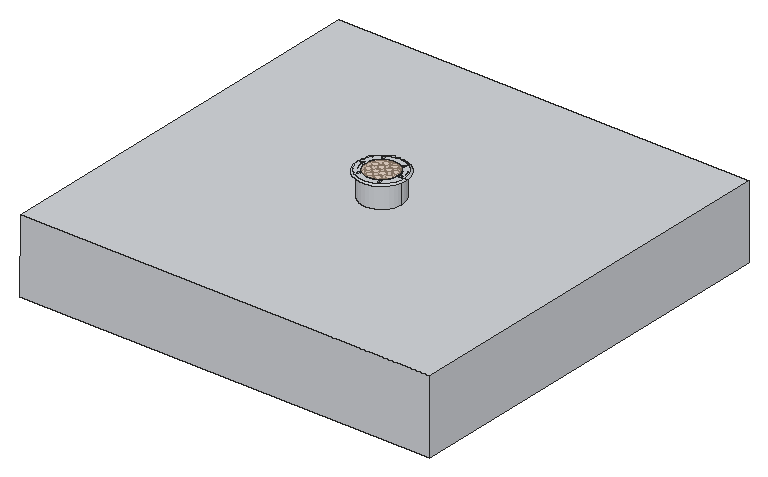
Revit family "Alcon-9034-12-Revit-Family", category Luminarias, Revit 2025
Family settings
  Anfitrión = Cara
  Cota de conector redondo = Usar diámetro
  Tipo de pieza = Normal
  Corte con vacíos al cargar = No
  Origen de luz = Sí
  Mantener orientación de anotación = No
  Compartido = No
  Punto de cálculo de habitación = No
Parameters
  Tilt Angle = 60.00°
  built-in parameter 1010506 = 0.5236 (stored number, unit not read)
  built-in parameter 1010507 = 1.5708 (stored number, unit not read)
  Wattage = 9.2903 W
  URL = "https://www.alconlighting.com/9034-12.html"
  built-in parameter 1150107 = 3200 (stored number, unit not read)
  TOP FINISH = none
  TAP LENS = none
  built-in parameter 1150110 = 1 (stored number, unit not read)
  built-in parameter 1150109 = 1 (stored number, unit not read)
  built-in parameter 1150112 = 1 (stored number, unit not read)
  built-in parameter 1150113 = 1 (stored number, unit not read)
  built-in parameter 1114218 = 1 (stored number, unit not read)
  Product Page = "https://www.alconlighting.com/9034-12.html"
  Product Data URL = "https://www.alconlighting.com/9034-12.html"
  built-in parameter 1150137 = (empty or 0)
  built-in parameter 1150132 = (empty or 0)
  Modelo = "Alcon Lighting 9034-12"
  Longitud de símbolo de origen de luz = 10' - 0"
  Link to IES File = "https://www.alconlighting.com/9034-12.html"
  LENS GLASS = Glass
  built-in parameter 1150105 = 4614.1 (stored number, unit not read)
  built-in parameter 1150102 = (empty or 0)
  built-in parameter 1150106 = 46.141 (stored number, unit not read)
  HOUSING = none
  GLASS LENS = Analytical Panels
  Lumens = 1380 lm
  Color Filter = 16777215
  built-in parameter 1114217 = 1 (stored number, unit not read)
  built-in parameter 1150139 = (empty or 0)
  Fabricante = "Alcon Lighting"
  Default Elevation = 4' - 0"
  built-in parameter 1150104 = 13.8 (stored number, unit not read)
  built-in parameter 1150115 = 1 (stored number, unit not read)
  built-in parameter 1150114 = 1 (stored number, unit not read)
  built-in parameter 1150138 = (empty or 0)
  built-in parameter 1150134 = 3
  Dimming Lamp Color Temperature Shift = (empty or 0)
  built-in parameter 1150133 = 10 (stored number, unit not read)
Reference planes (in)
  plane 1 "Center (Front/Back)": y = 0
  plane 2: z = 0
  plane 3 "Center (Left/Right)": x = 0
Forms (in)
  Extrusion 1, solid
    sketch origin (0, 0, 0) x (1, 0, 0) y (0, 1, 0)
      loop
        line (-33, 32.41633) -> (-33, -32.59453) -> (33.96505, -32.59453) -> (33.96505, 32.41633) -> (-33, 32.41633)
    from 0 to -12
  Revolve 2, solid, material <- "HOUSING"
    sketch origin (0, 0, 0) x (1, 0, 0) y (0, 0, 1)
      loop
        line (0, 0) -> (3.35, 0) -> (3.35, 3.73416) -> (3.20156, 3.73416) -> (3.20156, 0.14844) -> (0, 0.14844) -> (0, 0)
      axis (0, 3.73416) -> (0, 0)
    angle from 0 to 360
  Revolve 3, solid, material <- "TAP LENS"
    sketch origin (0, 0, 0) x (1, 0, 0) y (0, 0, 1)
      loop
        line (2.67458, 3.73416) -> (3.95, 3.73416)
        arc (3.95, 3.73416) -> (3.85357, 3.85277) -> (3.70816, 3.89991) r 0.26971
        line (3.70816, 3.89991) -> (2.67458, 3.89991) -> (2.67458, 3.73416)
      axis (0, 3.89991) -> (0, 3.73416)
    angle from 0 to 360
  Extrusion 4, solid
    sketch origin (0, 0, 0) x (1, 0, 0) y (0, 1, 0)
      loop
        circle (0.70698, 1.78202) r 0.46312
      loop
        circle (0.61026, 0.67649) r 0.46312
      loop
        circle (-0.54216, 0.65637) r 0.46312
      loop
        circle (-0.70052, 1.78318) r 0.46312
      loop
        circle (-1.69473, 0.75365) r 0.46312
      loop
        circle (1.76795, 0.80192) r 0.46312
      loop
        circle (1.76795, -0.69808) r 0.46312
      loop
        circle (0.58529, -0.51077) r 0.46312
      loop
        circle (-0.58022, -0.51077) r 0.46312
      loop
        circle (-1.69583, -0.68746) r 0.46312
      loop
        circle (-0.69069, -1.6926) r 0.46312
      loop
        circle (0.70975, -1.6926) r 0.46312
    from 3.36238 to 3.73416
  Revolve 5, solid
    sketch origin (0, 0, 0) x (1, 0, 0) y (0, 0, 1)
      loop
        line (0, 3.36238) -> (0, 3.29896) -> (2.67458, 3.29896) -> (2.67458, 3.73416) -> (2.63829, 3.73416) -> (2.63829, 3.36238) -> (0, 3.36238)
      axis (0, 3.73416) -> (0, 3.29896)
    angle from 0 to 360
  Extrusion 6, solid, material "Analytical Panels" <- "GLASS LENS"
    sketch origin (0, 0, 0) x (1, 0, 0) y (0, 1, 0)
      loop
        circle (0, 0) r 2.67458
    from 3.83995 to 3.9
  Extrusion 7, void
    sketch origin (0, 0, 0) x (1, 0, 0) y (0, 1, 0)
      loop
        circle (1.76405, 2.51933) r 0.25
      loop
        circle (3.07553, 0) r 0.25
      loop
        circle (-1.76405, 2.51933) r 0.25
      loop
        circle (-3.07553, 0) r 0.25
      loop
        circle (1.76405, -2.51933) r 0.25
      loop
        circle (-1.76405, -2.51933) r 0.25
    from 3.73416 to 3.9
Cuts and joins
  Extrusion 7 cuts Revolve 2
  Extrusion 7 cuts Revolve 3
Dimensions and locks (in)
  aligned and locked: plane 2 to Extrusion 1
  aligned and locked: level to Extrusion 1
